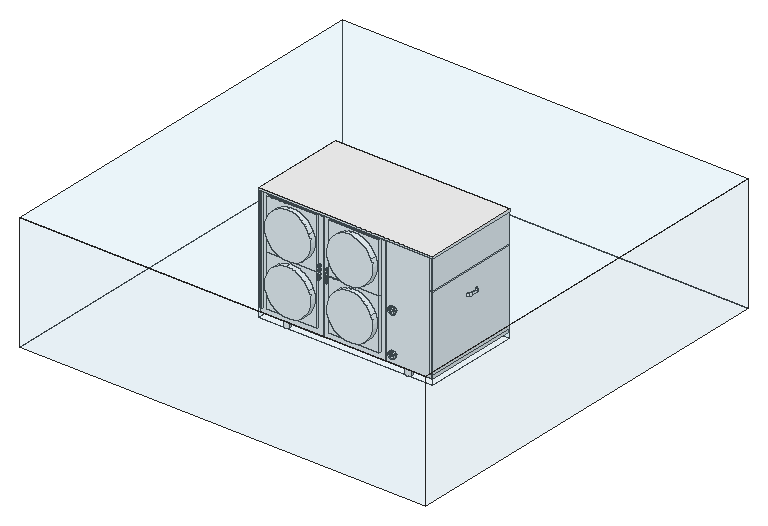
Revit family "VITOCAL 200-A PRO AWO-AC 202.A064 EN", category Mechanical Equipment, Revit 2021
Family settings
  Round Connector Dimension = Use Diameter
  Part Type = Normal
  OmniClass Number = 23.75.10.21.17
  OmniClass Title = Water-Source Heat Pumps
  Work Plane-Based = No
  Always vertical = Yes
  Cut with Voids When Loaded = No
  Shared = No
  Room Calculation Point = No
Parameters (values of type "VITOCAL 200-A PRO AWO-AC 202.A064")
  Heating water. Nominal volumetric flow = "9690 l/h"
  Medium temperature application (W55). Rated heating power P-rated (kWt) = 54
  Medium temperature application (W55). Seasonal efficiency rating (SCOP) = 3.31
  Medium temperature application (W55). MT Energy efficiency ηS  (%) = 130
  Low temperature application (W35). Rated heating power / P-rated (kWt) = 51
  Width (overall) = 2315.00 mm
  Ventilator. Internal security = "B10A"
  Low temperature application (W35). Seasonal efficiency rating (SCOP) = 3.88
  Art of electrical protection = "IPX4"
  Hydraulic connections. Heating water supply and return (external thread) = "G 2"
  Heat intake from outside air. Nominal volumetric air flow (m3/h) = "13 500 m3/h"
  Heat intake from outside air. Minimal inlet air temperature = "–20 °C"
  Heat intake from outside air. Maximal electrical power of fan(s) = "4 x 500 W"
  Heat intake from outside air. Maximal inlet air temperature = "35 °C"
  Heat intake from outside air. Amount of condensation water at 87% humidity = "30"
  Heating water. Water capacity of device = "8.9 l"
  Heating water. Flow Resistances of nominal volumetric flow = "14.7 kPa"
  Heating water. Flow Resistances of minimum volumetric flow = "1.6 kPa"
  Sound power level (dBA) = "69.7 dB(A)"
  Refrigeration circuit. Compressor = "Scroll"
  Refrigeration circuit. Type of oil in the compressor = "Idemitsu FV68S"
  Refrigeration circuit. Amount of oil in the compressor(s) = "2.8"
  Refrigeration circuit. Refrigerant quantity in the device = 18.00 kg
  Refrigeration circuit. CO2 equivalent = "31.9"
  Refrigeration circuit. Refrigerant medium = "R407C"
  Refrigeration circuit. Safety fittings = "A1"
  Refrigeration circuit. Global Warming Potential (GWP) = "1774"
  Ventilator. Rated voltage (v) = "1/N/PE 230 V/50 Hz"
  Heating water. Minimum volumetric flow (by 1 compressor running) = "2100 l/h"
  Heating water. Minimal return temperature (Inlet to device) = "20 °C"
  Heating water. Maximal supply temperature (Outlet from device) = "65 °C"
  Compressor. Max. cross-section of electrical connecting cables (mm2) = "16 mm2"
  Nominal cooling power (kWt) = 69.9 kW
  Nominal heating power (kWt) = 56.2 kW
  Compressor. Required security of electrical connection = "i 3 x C63A Kombi"
  URL = "https://www.viessmann.pl/"
  Required service area for the staff [instance] = yes
  COP factor of efficiency (heating mode) = 4
  Compressor. Compressor inrush current (A) = "122.7"
  Electrical Power consumption (kWe) = 14.06 kW
  Compressor. Rated voltage (v) = "3/N/PE 400 V/50 Hz"
  Electric power (kWe) for oilsump heating = "2 x 90"
  Total weight (basic unit without options) = 790.00 kg
  Manufacturer = "Viessmann Sp. z o.o."
  Compressor. Maximal operating current (A) = 53.4 A
  Compressor. Maximal power consumption of the compressor (for parameters A2/W35, including fans) (kWe) = 14.6 kW
  Ventilator. Maximal electrical power consumption per 1 fan (kWe) = 500 W
  Low temperature application (W35). LT Energy efficiency ηS (%) = 152
  Length (overall) = 1330.00 mm
  Information = "Measurement of total sound power level based on standard EN ISO 12102/EN ISO 9614."
  Height (overall) = 1510.00 mm
  EER factor (cooling mode) = 4.83
  Maximum operating pressure (water side) = "6 bar"
  Description = "The Vitocal 200-A PRO heat pump extracts heat energy from the outside air and uses it for heating water in the heating circuit or domestic hot water circuit or in cooling mode - extracts heat from the building and releases it to the outside air.\r\nThanks to the air heater (evaporator) thermal energy, coming from the outside air constantly sucked in by the fan, is returned to the working medium (refrigerant - freon R407c). In the process, the refrigerant evaporates, with the help of an electrically driven compressor the temperature of the gaseous refrigerant is increased. In the so-called condenser, the refrigerant (R407c) is condensed again and can be fed back into the evaporator through the expansion valve.\r\nAfter evaporation and condensation, the heat energy from the refrigerant through condensation in the heat exchanger is transferred to the heating or cooling medium (water or glycol), and then to the buffer tank (not included in the scope of delivery) and then to the heating/or cooling system in building.\r\nWarning : \r\n- At low ambient temperatures, moisture accumulates in the evaporator as frost, which adversely affects the heat transfer. If necessary, the evaporator is automatically defrosted by the heat pump. Depending on the weather conditions, steam may be generated in the air outlet. Depending on the regional conditions, it is necessary to optimized unit during operation.\r\n- To ensure sound insulation, the unit must be connected via flexible hydraulic pipe connections."
  Model = "Air-to-water heat pumps with electic compressor, outdoor instalation, for space heating and domestic hot water heating in small and medium-sized commercial buildings: \r\n- Up to +65°C supply water temperature, \r\n- Depending on the type, with 1, 2 or 4 compressors, \r\n- With weather-controlled heating controller and graphical control module for wall mounting."
  Default Elevation = 0.00 mm
  Compressor. Cosine of electric current φ = 0.76
  Author = "www.archispace.pl"
  Art of color = Viessmann color 1
Reference planes
  plane 1 "Środek (Przód/Tył)": y = -30
  plane 2: z = 0
  plane 3 "Środek (Lewa/Prawa)": x = 0
  plane 4: y = 597
  plane 5: y = -657
  plane 6: x = -1139
  plane 7: x = 1139
  plane 8: y = -733.925
  plane 9: x = 1179.148
  plane 10: z = 1510.2
  plane 11: z = 68.2
Forms (mm)
  Extrusion 1, solid, material "Viessmann service area", visible <- "Required service area for the staff"
    sketch origin (4373.089, -302.094, 0) x (1, 0, 0) y (0, 1, 0)
      loop
        line (-1734.089, 2899.094) -> (-7012.089, 2899.094) -> (-7012.089, -2354.906) -> (-1734.089, -2354.906) -> (-1734.089, 2899.094)
      loop
        line (-5512.089, -354.906) -> (-3234.089, -354.906) -> (-3234.089, 899.094) -> (-5512.089, 899.094) -> (-5512.089, -354.906)
    from 0 to 1510.2
  Extrusion 2, solid, material "Viessmann color 1" <- "Art of color", detail levels coarse
    sketch origin (0, 0, 0) x (1, 0, 0) y (0, 1, 0)
      loop
        line (-1139, 597) -> (-1139, -733.925) -> (1179.148, -733.925) -> (1179.148, 597) -> (-1139, 597)
    from 0 to 1510.2
  Extrusion 3, solid, material "Viessmann color 1" <- "Art of color", detail levels medium+fine
    sketch origin (0, 0, 0) x (0, 1, 0) y (0, 0, 1)
      loop
        line (-641.787, 68.2) -> (578.213, 68.2) -> (578.213, 1483.7) -> (-641.787, 1483.7) -> (-641.787, 68.2)
    from -1121.6 to 1120
  Extrusion 4, solid, material "Viessmann color 1" <- "Art of color", detail levels medium+fine
    sketch origin (0, 0, 0) x (0, 1, 0) y (0, 0, 1)
      loop
        line (-657, 1483.7) -> (597, 1483.7) -> (597, 1510.2) -> (-657, 1510.2) -> (-657, 1483.7)
    from -1139 to 1139
  Extrusion 5, solid, material "Viessmann color 1" <- "Art of color", detail levels medium+fine
    sketch origin (0, 0, 0) x (1, 0, 0) y (0, 1, 0)
      loop
        line (-1126.5, 586.529) -> (-1126.5, -651.471) -> (-1092.5, -651.471) -> (-1092.5, -649.471) -> (-1125, -649.471) -> (-1125, 584.529) -> (-1092.5, 584.529) -> (-1092.5, 586.529) -> (-1126.5, 586.529)
    from 119.7 to 1483.7
  Extrusion 6, solid, material "Viessmann color 1" <- "Art of color", detail levels medium+fine
    sketch origin (0, 0, 0) x (1, 0, 0) y (0, 1, 0)
      loop
        line (1126.5, 587.429) -> (1092.5, 587.429) -> (1092.5, 585.429) -> (1125, 585.429) -> (1125, -648.571) -> (1092.5, -648.571) -> (1092.5, -650.571) -> (1126.5, -650.571) -> (1126.5, 587.429)
    from 1103.7 to 1483.7
  Extrusion 7, solid, material "Viessmann color 1" <- "Art of color", detail levels medium+fine
    sketch origin (-557.926, -1377, 1200) x (-1, 0, 0) y (0, 0, 1)
      loop
        line (463.924, 267.7) -> (-192.075, 267.7) -> (-192.075, -388.3) -> (463.924, -388.3) -> (463.924, 267.7)
      loop
        line (463.924, -393.8) -> (-192.075, -393.8) -> (-192.075, -1049.8) -> (463.924, -1049.8) -> (463.924, -393.8)
      loop
        line (-344.826, 267.7) -> (-1000.825, 267.7) -> (-1000.825, -388.3) -> (-344.826, -388.3) -> (-344.826, 267.7)
      loop
        line (-344.826, -393.8) -> (-1000.825, -393.8) -> (-1000.825, -1049.8) -> (-344.826, -1049.8) -> (-344.826, -393.8)
    from 711.346 to 728.929
  Extrusion 8, solid, material "Viessmann color 1" <- "Art of color", detail levels medium+fine
    sketch origin (-557.926, -1377, 1200) x (-1, 0, 0) y (0, 0, 1)
      loop
        arc (435.374, -54.751) -> (350.451, 148.765) -> (149.263, 239.065) r 299.669
        arc (149.263, 239.065) -> (-25.602, 192.218) -> (-141.58, 53.217) r 299.669
        arc (-141.58, 53.217) -> (-146.118, -162.026) -> (-5.17, -324.765) r 299.669
        arc (-5.17, -324.765) -> (292.353, -315.798) -> (435.374, -54.751) r 299.669
      loop
        arc (435.374, -716.251) -> (350.451, -512.735) -> (149.263, -422.435) r 299.669
        arc (149.263, -422.435) -> (-25.602, -469.282) -> (-141.58, -608.283) r 299.669
        arc (-141.58, -608.283) -> (-146.118, -823.526) -> (-5.17, -986.265) r 299.669
        arc (-5.17, -986.265) -> (292.353, -977.298) -> (435.374, -716.251) r 299.669
      loop
        arc (-373.376, -54.751) -> (-458.299, 148.765) -> (-659.487, 239.065) r 299.669
        arc (-659.487, 239.065) -> (-834.352, 192.218) -> (-950.33, 53.217) r 299.669
        arc (-950.33, 53.217) -> (-954.868, -162.026) -> (-813.92, -324.765) r 299.669
        arc (-813.92, -324.765) -> (-516.397, -315.798) -> (-373.376, -54.751) r 299.669
      loop
        arc (-373.376, -716.251) -> (-458.299, -512.735) -> (-659.487, -422.435) r 299.669
        arc (-659.487, -422.435) -> (-834.352, -469.282) -> (-950.33, -608.283) r 299.669
        arc (-950.33, -608.283) -> (-954.868, -823.526) -> (-813.92, -986.265) r 299.669
        arc (-813.92, -986.265) -> (-516.397, -977.298) -> (-373.376, -716.251) r 299.669
    from 643.075 to 711.346
  Extrusion 9, solid, material "Viessmann color 1" <- "Art of color", detail levels medium+fine
    sketch origin (-557.926, -1377, 1200) x (-1, 0, 0) y (0, 0, 1)
      loop
        line (-272.626, 283.7) -> (-1075.926, 283.7) -> (-1075.926, -1131.8) -> (-272.626, -1131.8) -> (-272.626, 283.7)
      loop
        line (559.174, 283.7) -> (-268.626, 283.7) -> (-268.626, -1131.8) -> (559.174, -1131.8) -> (559.174, 283.7)
      loop
        line (-1079.926, 283.7) -> (-1675.326, 283.7) -> (-1675.326, -1131.8) -> (-1079.926, -1131.8) -> (-1079.926, 283.7)
    from 728.929 to 730.429
  Extrusion 10, solid, material "Viessmann color 1" <- "Art of color", detail levels medium+fine
    sketch origin (0, 0, 0) x (1, 0, 0) y (0, 1, 0)
      loop
        circle (-793.5, 558.025) r 39
      loop
        circle (793.5, 558.025) r 39
      loop
        circle (793.5, -617.975) r 39
      loop
        circle (-793.5, -617.975) r 39
    from 0 to 68.2
  Sweep 11, solid, material "Viessmann color 1" <- "Art of color", detail levels medium+fine
    path origin (0, 0, 0) x (0, 1, 0) y (0, 0, 1)
      loop
        line (-30, 817.5) -> (-30, 843.5)
    profile origin (0, -30, 830.5) x (0, -1, 0) y (1, 0, 0)
      loop
        line (86.572, 1126.5) -> (86.572, 1140.146) -> (67.256, 1168.294)
        arc (67.256, 1168.294) -> (58.291, 1176.269) -> (46.643, 1179.148) r 25
        line (46.643, 1179.148) -> (-43.502, 1179.148)
        arc (-43.502, 1179.148) -> (-55.15, 1176.269) -> (-64.115, 1168.294) r 25
        line (-64.115, 1168.294) -> (-83.428, 1140.15) -> (-83.428, 1126.5) -> (-58.428, 1126.5) -> (-58.428, 1144.615)
        arc (-58.428, 1144.615) -> (-51.198, 1162.46) -> (-33.429, 1169.873) r 25
        line (-33.429, 1169.873) -> (35.439, 1169.873)
        arc (35.439, 1169.873) -> (53.117, 1162.551) -> (60.44, 1144.873) r 25
        line (60.44, 1144.873) -> (60.44, 1126.5) -> (86.572, 1126.5)
  Extrusion 12, solid, material "Viessmann color 1" <- "Art of color", detail levels medium+fine
    sketch origin (-557.926, -1377, 1200) x (-1, 0, 0) y (0, 0, 1)
      loop
        circle (-217.181, -466.737) r 12.089
      loop
        circle (-217.181, -416.737) r 12.089
      loop
        circle (-217.181, -366.737) r 12.089
      loop
        circle (-217.181, -316.737) r 12.089
      loop
        circle (-322.181, -466.737) r 12.089
      loop
        circle (-322.181, -416.737) r 12.089
      loop
        circle (-322.181, -366.737) r 12.089
      loop
        circle (-322.181, -316.737) r 12.089
    from 704.006 to 728.929
  Extrusion 13, solid, material "Viessmann color 1" <- "Art of color", detail levels medium+fine
    sketch origin (0, 0, 0) x (1, 0, 0) y (0, 1, 0)
      loop
        line (1126.5, 587.429) -> (1092.5, 587.429) -> (1092.5, 585.429) -> (1125, 585.429) -> (1125, -648.571) -> (1092.5, -648.571) -> (1092.5, -650.571) -> (1126.5, -650.571) -> (1126.5, 587.429)
    from 119.7 to 1084.7
  Extrusion 14, void
    sketch origin (-557.926, -1377, 1200) x (-1, 0, 0) y (0, 0, 1)
      loop
        circle (-1169.926, -1021.8) r 50
      loop
        circle (-1169.926, -503.8) r 50
    from 701.558 to 780.429
  Extrusion 15, solid, material "Viessmann color 1" <- "Art of color", detail levels medium+fine
    sketch origin (-557.926, -1377, 1200) x (-1, 0, 0) y (0, 0, 1)
      loop
        circle (-1170.376, -498.907) r 30
      loop
        circle (-1170.376, -498.907) r 23
      loop
        circle (-1170.376, -1017.907) r 30
      loop
        circle (-1170.376, -1017.907) r 23
    from 701.558 to 801.558
  Extrusion 16, void
    sketch origin (0, 0, 0) x (1, 0, 0) y (0, 1, 0)
      loop
        line (1026.914, -368.865) -> (1026.914, -306.865) -> (849.741, -306.865) -> (849.741, -368.865) -> (1026.914, -368.865)
    from 68.2 to 100
Cuts and joins
  Extrusion 14 cuts Extrusion 1
  Extrusion 14 cuts Extrusion 2
  Extrusion 14, Extrusion 16 cuts Extrusion 3
  Extrusion 14 cuts Extrusion 9
Lines and regions (mm)
  model lines, detail levels medium+fine
    curve 1: line (436.5, 578.213, 150.76) -> (436.5, 578.213, 1399.76)
    curve 2: line (436.5, 578.213, 1399.76) -> (-1078.5, 578.213, 1399.76)
    curve 3: line (-1078.5, 578.213, 150.76) -> (-1078.5, 578.213, 1399.76)
    curve 4: line (-1078.5, 578.213, 150.76) -> (436.5, 578.213, 150.76)
Dimensions and locks
  plane 6 to plane 3 "Środek (Lewa/Prawa)" to plane 7 = 1139.00 mm, 1139.00 mm
  plane 4 to plane 1 "Środek (Przód/Tył)" to plane 5 = 627.00 mm, 627.00 mm
  aligned and locked: level to plane 2
  aligned and locked: Extrusion 2 sketch curve to plane 6
  aligned and locked: Extrusion 2 sketch curve to plane 4
  aligned and locked: plane 9 to Extrusion 2 sketch curve
  aligned and locked: plane 8 to Extrusion 2 sketch curve
  aligned and locked: Extrusion 2 to plane 10
Connectors
  piping at (612.45, -675.442, 701.093), diameter 60
    settings: on Extrusion 15, index 1, connector inside diameter 609.6 mm, connector length 0.00 mm, flow factor 0, pipe flow 0.0 m³/h, pressure drop 0.0 kPa, fitting loss kfactor 0, connector angle 0.00°, fixture units 0, engagement length 0.00 mm, angle of deflection 0.00°, flow configuration 0, flow direction 0, fitting loss method 0, system type 7, joint type 0, gender type 0, connector reference index -1, connector utility 0, adjustable connector no, is connector primary yes, connector description ""
  piping at (612.45, -675.442, 182.093), diameter 60
    settings: on Extrusion 15, index 2, connector inside diameter 609.6 mm, connector length 0.00 mm, flow factor 0, pipe flow 0.0 m³/h, pressure drop 0.0 kPa, fitting loss kfactor 0, connector angle 0.00°, fixture units 0, engagement length 0.00 mm, angle of deflection 0.00°, flow configuration 0, flow direction 0, fitting loss method 0, system type 8, joint type 0, gender type 0, connector reference index -1, connector utility 0, adjustable connector no, is connector primary no, connector description ""
  electrical at (938.328, -337.865, 68.2), driven by "Electrical Power consumption (kWe)"
    settings: on cut or joined group of Extrusion 3, Extrusion 14, Extrusion 16, index 3, voltage 0 V, apparent load 14060 W, apparent load phase1 0 W, apparent load phase2 0 W, apparent load phase3 0 W, power factor 1, load classification "Other", number of poles 1, system type 30, power factor state 1, is connector primary yes, connector utility no, sub classification motor no, connector description ""
